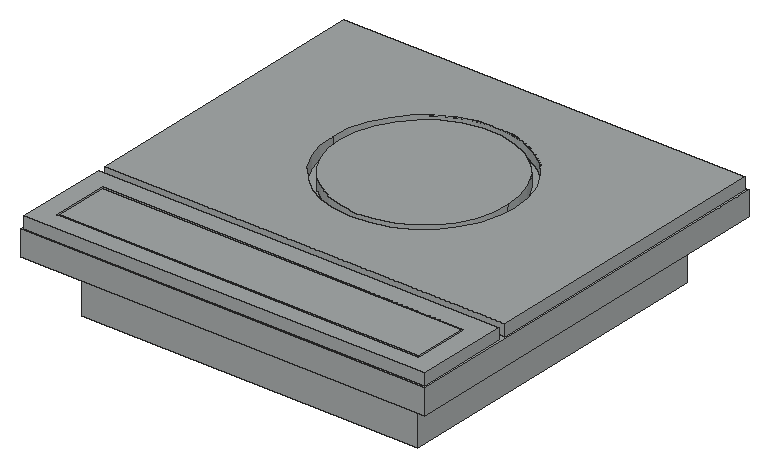
Revit family "Gira_5531920", category Electrical Fixtures, host Face, Revit 2017
Family settings
  Host = Face
  Maintain Annotation Orientation = Yes
  Round Connector Dimension = Use Diameter
  Part Type = Normal
  Cut with Voids When Loaded = No
  Shared = No
  Room Calculation Point = No
Parameters (values of type "Ruftastenmodul 1f System 106 Edelstahl")
  URL = "http://katalog.gira.de/de_DE/datenblatt.html?artikelnr=5531920"
  Region = "DE"
  Name = "Ruftastenmodul 1f System 106 Edelstahl"
  Model = "Sys106_Abdeckung_Schalten und Tasten"
  Manufacturer URL = "https://www.gira.de/"
  Installationstechnik = "Bus-System"
  Höhe = "0,1065 m"
  HeinzeBIM = "https://bimportal.heinze.de/bim/ruftastenmodul-1f-system-106-edelstahl/17fcc6dc8e3985ba345b4bc6b40c2d8fa8b448fb"
  HAN = "5531920"
  GTIN = "4010337022626"
  Edelstahl [instance] = Edelstahl
  Default Elevation = 1219.2 mm
  Data sheet (1) = "https://katalog.gira.de/de_DE/download.html?artikelnr=5531920"
  Category = "Funktionsmodul für Türkommunikation"
  Breite = "0,1065 m"
  Available = "Yes"
  Anzahl der Klingeltasten = "1 "
Reference planes
  plane 1 "Center (Front/Back)": y = 0
  plane 2 "Reference Level 0": z = 0
  plane 3 "Center (Left/Right)": x = 0
  plane 4 "Reference Level 1": z = 9.5
Forms (mm)
  Extrusion 1, solid, material "Edelstahl" <- "Edelstahl", detail levels coarse
    sketch origin (0, 0, 0) x (1, 0, 0) y (0, 1, 0)
      loop
        line (-53, 53) -> (-53, -53) -> (53, -53) -> (53, 53) -> (-53, 53)
    from -14.7 to 9.5
  Extrusion 2, solid, material "Edelstahl" <- "Edelstahl", detail levels fine
    sketch origin (0, 0, 0) x (1, 0, 0) y (0, 1, 0)
      loop
        line (52.5, -28) -> (-52.5, -28) -> (-52.5, -52.5) -> (52.5, -52.5) -> (52.5, -28)
      loop
        line (-47.5, -48) -> (47.5, -48) -> (47.5, -33) -> (-47.5, -33) -> (-47.5, -48)
    from 6.5 to 9.5
  Extrusion 3, solid, material "Edelstahl" <- "Edelstahl", detail levels fine
    sketch origin (0, 0, 0) x (1, 0, 0) y (0, 1, 0)
      loop
        line (-52.5, 52.5) -> (-52.5, -26) -> (52.5, -26) -> (52.5, 52.5) -> (-52.5, 52.5)
      loop
        circle (0, 13) r 24
    from 6.5 to 9.5
  Extrusion 4, solid, material "Edelstahl" <- "Edelstahl", detail levels medium+fine
    sketch origin (0, 0, 0) x (1, 0, 0) y (0, 1, 0)
      loop
        line (-53, 53) -> (-53, -53) -> (53, -53) -> (53, 53) -> (-53, 53)
    from 0 to 6.5
  Extrusion 5, solid, material "Edelstahl" <- "Edelstahl", detail levels fine
    sketch origin (0, 0, 0) x (1, 0, 0) y (0, 1, 0)
      loop
        line (-44, 44) -> (-44, -44) -> (44, -44) -> (44, 44) -> (-44, 44)
    from -14.7 to 0
  Extrusion 6, solid, material "Edelstahl" <- "Edelstahl", detail levels fine
    sketch origin (0, 0, 0) x (1, 0, 0) y (0, 1, 0)
      loop
        circle (0, 13) r 22
    from 6.5 to 9.5
  Extrusion 7, solid, material "Edelstahl" <- "Edelstahl", detail levels fine
    sketch origin (0, 0, 0) x (1, 0, 0) y (0, 1, 0)
      loop
        line (-47, -33.5) -> (-47, -47.5) -> (47, -47.5) -> (47, -33.5) -> (-47, -33.5)
    from 6.5 to 9.5
  Extrusion 8, solid, material "Edelstahl" <- "Edelstahl", detail levels medium
    sketch origin (0, 0, 0) x (1, 0, 0) y (0, 1, 0)
      loop
        line (-52.5, 52.5) -> (-52.5, -26) -> (52.5, -26) -> (52.5, 52.5) -> (-52.5, 52.5)
      loop
        line (-52.5, -28) -> (-52.5, -52.5) -> (52.5, -52.5) -> (52.5, -28) -> (-52.5, -28)
    from 6.5 to 9.5
  Extrusion 9, solid, material "Edelstahl" <- "Edelstahl", detail levels medium
    sketch origin (0, 0, 0) x (1, 0, 0) y (0, 1, 0)
      loop
        circle (0, 13) r 24
      loop
        line (-47.5, -33) -> (-47.5, -48) -> (47.5, -48) -> (47.5, -33) -> (-47.5, -33)
    from 6.5 to 9.5
Dimensions and locks
  aligned and locked: plane 2 "Reference Level 0" to host face
  aligned and locked: level to host face
  aligned and locked: Extrusion 4 to host face
  aligned and locked: Extrusion 4 to level
  aligned and locked: level to Extrusion 5
  aligned and locked: level to Extrusion 4
  aligned and locked: Extrusion 4 to plane 2 "Reference Level 0"
  aligned and locked: plane 2 "Reference Level 0" to Extrusion 5
  aligned and locked: plane 3 "Center (Left/Right)" to nested 1
  aligned and locked: plane 1 "Center (Front/Back)" to nested 1
Nested families
  nested 1: "Schalter" at (0, 0, 0), type "Schalter"
Connectors
  electrical at (0, 0, -14.7)
    settings: on Extrusion 5, index 1, voltage 220 V, apparent load 0 VA, apparent load phase1 0 VA, apparent load phase2 0 VA, apparent load phase3 0 VA, power factor 1, load classification "Other", number of poles 1, system type 30, power factor state 1, is connector primary yes, connector utility no, sub classification motor no, connector description ""
Definition of nested family "Schalter"
  Reference planes
    plane 1: y = 0
    plane 2: x = 0
  Lines and regions (mm)
    detail lines
      curve 1: circle (1.375, 2.778, 0) r 0.8 normal (0, 0, 1)
      curve 2: line (1.021, 2.061, 0) -> (0, 0, 0)
      curve 3: line (0, 0, 0) -> (-0.538, 0.266, 0)
  Dimensions and locks
    curve 2 to curve 2 = 2.3 mm
    curve 3 to curve 2 = 0.6 mm
    radius of curve 1 = 0.8 mm
